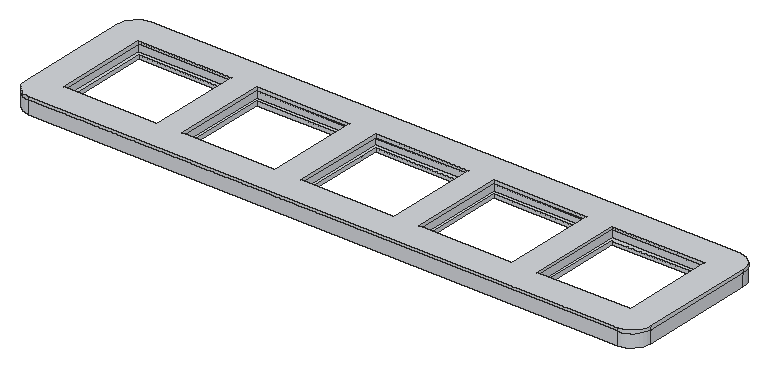
Revit family "Gira_0215422", category Electrical Fixtures, host Face, Revit 2017
Family settings
  Host = Face
  Maintain Annotation Orientation = No
  Round Connector Dimension = Use Diameter
  Part Type = Normal
  Cut with Voids When Loaded = No
  Shared = No
  Room Calculation Point = No
Parameters (values of type "Cov.fr. 5-g Gira E3 grey/anthra.")
  URL = "http://katalog.gira.de/en/datenblatt.html?artikelnr=0215422"
  Transparent = "No"
  Name = "Cov.fr. 5-g Gira E3 grey/anthra."
  Manufacturer URL = "https://www.gira.de/"
  Manufacturer = "Gira"
  Keynote = ""
  HeinzeBIM = "https://bimportal.heinze.de/bim/cov-fr-5-g-gira-e3-grey-anthra-/8cfdc4afe8f019873716048bb38bec6cf437b208"
  HAN = "0215422"
  GTIN = "4010337023999"
  Description = "Cov.fr.5g E3 GyAn,Gira E3 cover frame,grey soft touch with anthracite intermediate frame,5-gang,Features:,- Shatter-proof.,,Notes :,- Soft-touch surface,- NCS value: approx. NCS S 3500-N"
  Default Elevation = 1219.2 mm
  Data sheet (1) = "https://katalog.gira.de/en/download.html?artikelnr=0215422"
  Category = "Cover frame for domestic switching devices"
  BIM (1) = "https://media.stage.bim.site/public/gira/36a6b08/E3_Rahmen_5fach.rfa"
  Available = "No"
Reference planes
  plane 1 "Center (Front/Back)": y = 0
  plane 2: z = 0
  plane 3 "Center (Left/Right)": x = 0
Forms (mm)
  Extrusion 1, solid, detail levels fine
    sketch origin (0, 0, 0) x (1, 0, 0) y (0, 1, 0)
      loop
        arc (-177.4, 45.809) -> (-185.185, 42.585) -> (-188.409, 34.8) r 11.009
        line (-188.409, 34.8) -> (-188.409, -34.8)
        arc (-188.409, -34.8) -> (-185.185, -42.585) -> (-177.4, -45.809) r 11.009
        line (-177.4, -45.809) -> (177.4, -45.809)
        arc (177.4, -45.809) -> (185.185, -42.585) -> (188.409, -34.8) r 11.009
        line (188.409, -34.8) -> (188.409, 34.8)
        arc (188.409, 34.8) -> (185.185, 42.585) -> (177.4, 45.809) r 11.009
        line (177.4, 45.809) -> (-177.4, 45.809)
      loop
        line (-114.5, 28.187) -> (-170.756, 28.187) -> (-170.756, -28.187) -> (-114.5, -28.187) -> (-114.5, 28.187)
      loop
        line (-99.6, 28.187) -> (-99.6, -28.187) -> (-43.344, -28.187) -> (-43.344, 28.187) -> (-99.6, 28.187)
      loop
        line (114.5, 28.187) -> (114.5, -28.187) -> (170.756, -28.187) -> (170.756, 28.187) -> (114.5, 28.187)
      loop
        line (28.301, 28.187) -> (-27.955, 28.187) -> (-27.955, -28.187) -> (28.301, -28.187) -> (28.301, 28.187)
      loop
        line (43.143, 28.187) -> (43.143, -28.187) -> (99.399, -28.187) -> (99.399, 28.187) -> (43.143, 28.187)
    from 7.65 to 9.5
  Extrusion 2, solid, detail levels fine
    sketch origin (-142.8, 0, 0) x (1, 0, 0) y (0, 1, 0)
      loop
        line (26.1, 25.7) -> (-25.7, 25.7) -> (-25.7, -25.7) -> (26.1, -25.7) -> (26.1, 25.7)
      loop
        line (-28.187, -28.156) -> (28.187, -28.156) -> (28.187, 28.156) -> (-28.187, 28.156) -> (-28.187, -28.156)
    from 1.65 to 3.9
  Extrusion 3, solid, detail levels fine
    sketch origin (0, 0, 0) x (1, 0, 0) y (0, 1, 0)
      loop
        arc (-177.4, 45.809) -> (-185.185, 42.585) -> (-188.409, 34.8) r 11.009
        line (-188.409, 34.8) -> (-188.409, -34.8)
        arc (-188.409, -34.8) -> (-185.185, -42.585) -> (-177.4, -45.809) r 11.009
        line (-177.4, -45.809) -> (177.4, -45.809)
        arc (177.4, -45.809) -> (185.185, -42.585) -> (188.409, -34.8) r 11.009
        line (188.409, -34.8) -> (188.409, 34.8)
        arc (188.409, 34.8) -> (185.185, 42.585) -> (177.4, 45.809) r 11.009
        line (177.4, 45.809) -> (-177.4, 45.809)
      loop
        line (-186.443, 34.785) -> (-186.443, -34.785)
        arc (-186.443, -34.785) -> (-183.79, -41.19) -> (-177.385, -43.843) r 9.058
        line (-177.385, -43.843) -> (177.385, -43.843)
        arc (177.385, -43.843) -> (183.79, -41.19) -> (186.443, -34.785) r 9.058
        line (186.443, -34.785) -> (186.443, 34.785)
        arc (186.443, 34.785) -> (183.79, 41.19) -> (177.385, 43.843) r 9.058
        line (177.385, 43.843) -> (-177.385, 43.843)
        arc (-177.385, 43.843) -> (-183.79, 41.19) -> (-186.443, 34.785) r 9.058
    from 0 to 7.65
  Extrusion 4, solid, detail levels fine
    sketch origin (-35.75, 0, 0) x (1, 0, 0) y (0, 1, 0)
      loop
        line (-134.256, -31.075) -> (205.755, -31.075)
        arc (205.755, -31.075) -> (208.399, -29.98) -> (209.494, -27.337) r 3.739
        line (209.494, -27.337) -> (209.494, 27.337)
        arc (209.494, 27.337) -> (208.399, 29.98) -> (205.755, 31.075) r 3.739
        line (205.755, 31.075) -> (-134.256, 31.075)
        arc (-134.256, 31.075) -> (-136.899, 29.98) -> (-137.994, 27.337) r 3.739
        line (-137.994, 27.337) -> (-137.994, -27.337)
        arc (-137.994, -27.337) -> (-136.899, -29.98) -> (-134.256, -31.075) r 3.739
      loop
        line (-136.844, 27.537) -> (-136.844, -27.537)
        arc (-136.844, -27.537) -> (-136.145, -29.226) -> (-134.456, -29.925) r 2.389
        line (-134.456, -29.925) -> (205.955, -29.925)
        arc (205.955, -29.925) -> (207.644, -29.226) -> (208.344, -27.537) r 2.389
        line (208.344, -27.537) -> (208.344, 27.537)
        arc (208.344, 27.537) -> (207.644, 29.226) -> (205.955, 29.925) r 2.389
        line (205.955, 29.925) -> (-134.456, 29.925)
        arc (-134.456, 29.925) -> (-136.145, 29.226) -> (-136.844, 27.537) r 2.389
    from 1.65 to 7.65
  Extrusion 5, solid, detail levels fine
    sketch origin (0, 0, 0) x (1, 0, 0) y (0, 1, 0)
      loop
        line (-174.653, -39.8) -> (174.653, -39.8)
        arc (174.653, -39.8) -> (180.267, -36.708) -> (182.5, -30.7) r 9.2
        line (182.5, -30.7) -> (182.5, 30.7)
        arc (182.5, 30.7) -> (179.805, 37.205) -> (173.3, 39.9) r 9.2
        line (173.3, 39.9) -> (-173.3, 39.9)
        arc (-173.3, 39.9) -> (-179.805, 37.205) -> (-182.5, 30.7) r 9.2
        line (-182.5, 30.7) -> (-182.5, -30.7)
        arc (-182.5, -30.7) -> (-180.267, -36.708) -> (-174.653, -39.8) r 9.2
      loop
        line (-173.3, -31.7) -> (173.3, -31.7)
        arc (173.3, -31.7) -> (174.007, -31.407) -> (174.3, -30.7) r 1
        line (174.3, -30.7) -> (174.3, 30.7)
        arc (174.3, 30.7) -> (174.007, 31.407) -> (173.3, 31.7) r 1
        line (173.3, 31.7) -> (-173.3, 31.7)
        arc (-173.3, 31.7) -> (-174.007, 31.407) -> (-174.3, 30.7) r 1
        line (-174.3, 30.7) -> (-174.3, -30.7)
        arc (-174.3, -30.7) -> (-174.007, -31.407) -> (-173.3, -31.7) r 1
    from 1.65 to 3.9
  Extrusion 6, solid, detail levels fine
    sketch origin (-142.8, 0, 0) x (1, 0, 0) y (0, 1, 0)
      loop
        line (-28.187, 28.156) -> (-28.187, -28.156) -> (28.187, -28.156) -> (28.187, 28.156) -> (-28.187, 28.156)
      loop
        line (-29.925, 29.925) -> (-29.925, -29.925) -> (29.925, -29.925) -> (29.925, 29.925) -> (-29.925, 29.925)
    from 1.65 to 7.65
  Extrusion 7, solid, detail levels coarse+medium
    sketch origin (0, 0, 0) x (1, 0, 0) y (0, 1, 0)
      loop
        line (-188.409, 45.809) -> (-188.409, -45.809) -> (188.409, -45.809) -> (188.409, 45.809) -> (-188.409, 45.809)
    from 0 to 9.5
  Extrusion 8, solid, detail levels fine
    sketch origin (-71.3, 0, 0) x (-1, 0, 0) y (0, -1, 0)
      loop
        line (25.9, -25.7) -> (25.9, 25.7) -> (-25.9, 25.7) -> (-25.9, -25.7) -> (25.9, -25.7)
      loop
        line (-28.187, 28.156) -> (-28.187, -28.156) -> (28.187, -28.156) -> (28.187, 28.156) -> (-28.187, 28.156)
    from 1.65 to 3.9
  Extrusion 9, solid, detail levels fine
    sketch origin (-71.3, 0, 0) x (-1, 0, 0) y (0, -1, 0)
      loop
        line (-28.187, -28.156) -> (28.187, -28.156) -> (28.187, 28.156) -> (-28.187, 28.156) -> (-28.187, -28.156)
      loop
        line (-29.925, -29.925) -> (29.925, -29.925) -> (29.925, 29.925) -> (-29.925, 29.925) -> (-29.925, -29.925)
    from 1.65 to 7.65
  Extrusion 10, solid, detail levels fine
    sketch origin (0.2, 0, 0) x (-1, 0, 0) y (0, -1, 0)
      loop
        line (26.1, -25.7) -> (26.1, 25.7) -> (-25.7, 25.7) -> (-25.7, -25.7) -> (26.1, -25.7)
      loop
        line (-28.187, 28.156) -> (-28.187, -28.156) -> (28.187, -28.156) -> (28.187, 28.156) -> (-28.187, 28.156)
    from 1.65 to 3.9
  Extrusion 11, solid, detail levels fine
    sketch origin (0.2, 0, 0) x (-1, 0, 0) y (0, -1, 0)
      loop
        line (-28.187, -28.156) -> (28.187, -28.156) -> (28.187, 28.156) -> (-28.187, 28.156) -> (-28.187, -28.156)
      loop
        line (-29.925, -29.925) -> (29.925, -29.925) -> (29.925, 29.925) -> (-29.925, 29.925) -> (-29.925, -29.925)
    from 1.65 to 7.65
  Extrusion 12, solid, detail levels fine
    sketch origin (71.5, 0, 0) x (-1, 0, 0) y (0, -1, 0)
      loop
        line (26.1, -25.7) -> (26.1, 25.7) -> (-25.7, 25.7) -> (-25.7, -25.7) -> (26.1, -25.7)
      loop
        line (-28.187, 28.156) -> (-28.187, -28.156) -> (28.187, -28.156) -> (28.187, 28.156) -> (-28.187, 28.156)
    from 1.65 to 3.9
  Extrusion 13, solid, detail levels fine
    sketch origin (71.5, 0, 0) x (-1, 0, 0) y (0, -1, 0)
      loop
        line (-28.187, -28.156) -> (28.187, -28.156) -> (28.187, 28.156) -> (-28.187, 28.156) -> (-28.187, -28.156)
      loop
        line (-29.925, -29.925) -> (29.925, -29.925) -> (29.925, 29.925) -> (-29.925, 29.925) -> (-29.925, -29.925)
    from 1.65 to 7.65
  Extrusion 14, solid, detail levels fine
    sketch origin (142.8, 0, 0) x (-1, 0, 0) y (0, -1, 0)
      loop
        line (26.1, -25.7) -> (26.1, 25.7) -> (-25.7, 25.7) -> (-25.7, -25.7) -> (26.1, -25.7)
      loop
        line (-28.187, 28.156) -> (-28.187, -28.156) -> (28.187, -28.156) -> (28.187, 28.156) -> (-28.187, 28.156)
    from 1.65 to 3.9
  Extrusion 15, solid, detail levels fine
    sketch origin (142.8, 0, 0) x (-1, 0, 0) y (0, -1, 0)
      loop
        line (-28.187, -28.156) -> (28.187, -28.156) -> (28.187, 28.156) -> (-28.187, 28.156) -> (-28.187, -28.156)
      loop
        line (-29.925, -29.925) -> (29.925, -29.925) -> (29.925, 29.925) -> (-29.925, 29.925) -> (-29.925, -29.925)
    from 1.65 to 7.65
Dimensions and locks
  aligned and locked: plane 2 to host face
  aligned and locked: level to host face
